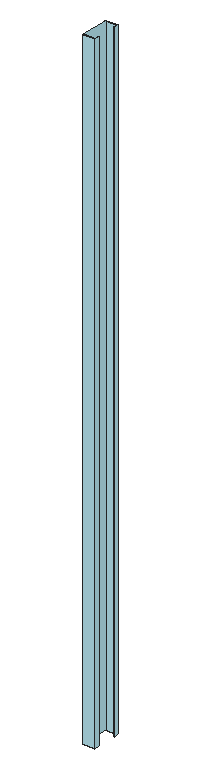
Revit family "hokyozai_45", category 機械設備, Revit 2022
Family settings
  丸型コネクタ寸法 = 直径を使用
  種別 = なし
  パーツ タイプ = 標準
  作業面ベース = いいえ
  常に垂直 = はい
  ロード時にボイドで切り取り = いいえ
  注釈の向きを維持 = いいえ
  共有 = いいえ
  部屋計算ポイント = いいえ
Parameters
  製造元 = "株式会社桐井製作所"
  既定の高さ = 0 mm
  URL = "https://www.kirii.co.jp/"
  K_長さ(mm) [instance] = 1000 mm
  K_材質 = "SGCC一般用・SGC340~570高強度一般用・SGH340~570高強度一般用"
  K_外形寸法(mm) = "45×20×7"
  K_品名 = "45補強材"
  K_名称 = "補強材"
  K_バージョン情報 = "20210524"
  K_めっき付着量 = "Z08"
  K_JIS規格 = "JIS G 3302"
Reference planes
  plane 1 "中心(正面/背面)": y = 0
  plane 2: z = 0
  plane 3 "中心(左/右)": x = 0
  plane 4: z = 1000
  plane 5: y = 45
Forms (mm)
  Extrusion 1, solid
    sketch origin (0, 0, 0) x (1, 0, 0) y (0, 1, 0)
      loop
        line (0, 0) -> (20, 0) -> (20, 7) -> (18.8, 7) -> (18.8, 1.2) -> (1.2, 1.2) -> (1.2, 43.8) -> (18.8, 43.8) -> (18.8, 38) -> (20, 38) -> (20, 45) -> (0, 45) -> (0, 0)
    from 0 to 1000
Dimensions and locks
  "K_長さ(mm)": plane 4 to plane 2
  aligned and locked: level to plane 2
  aligned and locked: plane 4 to Extrusion 1
Automatic sketch dimensions
  Extrusion 1 sketch curve to plane 3 "中心(左/右)" = 0 mm
  plane 1 "中心(正面/背面)" to Extrusion 1 sketch curve = 0 mm
  Extrusion 1 sketch curve to plane 5 = 0 mm
  plane 3 "中心(左/右)" to Extrusion 1 sketch curve = 1.2 mm
  Extrusion 1 sketch curve to plane 1 "中心(正面/背面)" = 7 mm
  Extrusion 1 sketch curve to Extrusion 1 sketch curve = 17.6 mm  (x2)
  Extrusion 1 sketch curve to plane 5 = 1.2 mm
  Extrusion 1 sketch curve to Extrusion 1 sketch curve = 1.2 mm  (x2)
  Extrusion 1 sketch curve to plane 1 "中心(正面/背面)" = 1.2 mm
  Extrusion 1 sketch curve to Extrusion 1 sketch curve = 5.8 mm
